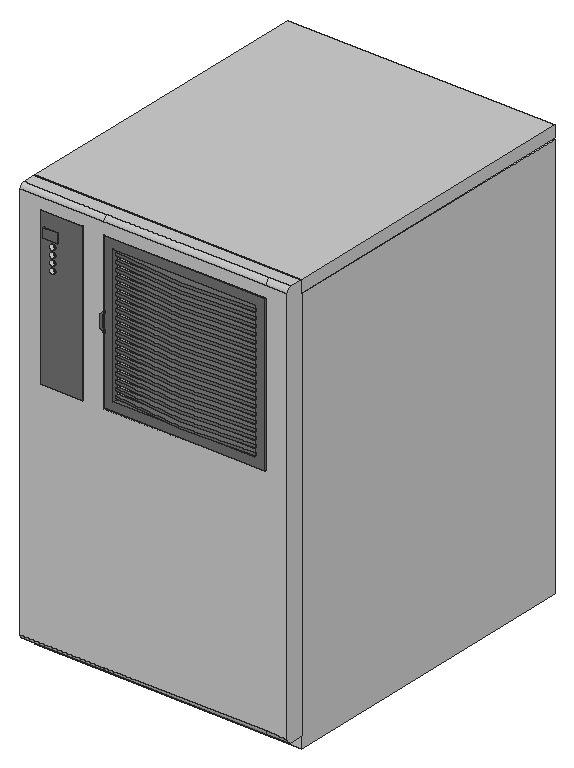
Revit family "QF_HOSHIZAKI_IM-240ANE-HC", category Specialty Equipment, Revit 2016
Family settings
  Part Type = Normal
  Round Connector Dimension = Use Diameter
  OmniClass Number = 23.40.40.14
  OmniClass Title = Food Service Equipment
  Work Plane-Based = No
  Always vertical = Yes
  Cut with Voids When Loaded = No
  Shared = No
  Room Calculation Point = No
Parameters (values of type "IM-240ANE-HC_240V/1Ph/60Hz")
  Weight = 78.00 kg
  Waste Remarks [instance] = ""
  Volts = 240 V
  URL Cutsheet = ""
  URL = "www.hoshizaki-europe.com"
  Status [instance] = ""
  Specification by User [instance] = ""
  Specification by Manufacturer [instance] = ""
  Serial Number = ""
  Seismic Rating = ""
  SMACNA No = ""
  Revision Code [instance] = ""
  Phase = 1
  Number of Poles = 2
  NAFEM Spec ID Number = ""
  Model = "IM-240ANE-HC"
  Min Ckt Ampacity = 0 A
  Max Overcurrent Protection = 0 A
  Masterspec = ""
  Manufacturer = "HOSHIZAKI"
  Length Actual = 560 mm
  Item Number [instance] = ""
  Installed By [instance] = ""
  Indirect Waste Size = 19.05 mm
  Indirect Waste Connection Type [instance] = ""
  Indirect Waste Connection Height [instance] = 40 mm
  Identify Quantity as Lot [instance] = no
  Height Actual = 880 mm
  HP power = ""
  Furnished By [instance] = ""
  Foodservice Equipment Identifier [instance] = yes
  FL Amps = 20 A
  Electric power = 930 W
  Electric Connection Type [instance] = ""
  Elec Conn RI Height [instance] = 0 mm
  Elec Conn Connection Height [instance] = 770 mm
  Direct Waste RI Height [instance] = 0 mm
  Description = "IM HYDROCARBON ICE MAKER, 235KG PER 24 HOURS, LARGE CUBE, MODULAR"
  Depth Actual = 700 mm
  Cycle = 60 Hz
  Cost = 0
  Conn Plug = ""
  Conn Conduit = no
  Cold Water Temperature Recommended = 0 °C
  Cold Water Size = 19.05 mm
  Cold Water Flow = 0.0 L/s
  Cold Water Connection Height [instance] = 415 mm
  CSI MasterFormat = ""
  Assembly Code = "E1090320"
  Apparent Power = 930 VA
  Accessory = no
Types (2, lengths in mm): name | Volts | Cycle
  IM-240ANE-HC_230V/1Ph/50Hz | 230 V | 50 Hz
  IM-240ANE-HC_240V/1Ph/60Hz | 240 V | 60 Hz
Reference planes
  plane 1 "Center (Front/Back)": y = 0
  plane 2: z = 0
  plane 3 "Center (Left/Right)": x = 0
Forms (mm)
  Extrusion 1, solid, not visible
    sketch origin (48, -2, 414) x (1, 0, 0) y (0, 1, 0)
      loop
        line (0, 0) -> (2, 0) -> (2, 2) -> (0, 2) -> (0, 0)
    from 0 to 2
  Extrusion 2, solid, not visible
    sketch origin (71, -2, 39) x (1, 0, 0) y (0, 1, 0)
      loop
        line (0, 0) -> (2, 0) -> (2, 2) -> (0, 2) -> (0, 0)
    from 0 to 2
  Extrusion 3, solid, not visible
    sketch origin (31, -17, 769) x (1, 0, 0) y (0, 1, 0)
      loop
        line (0, 0) -> (2, 0) -> (2, 2) -> (0, 2) -> (0, 0)
    from 0 to 2
  Extrusion 4, solid, not visible
    sketch origin (48, -2, 414) x (1, 0, 0) y (0, 1, 0)
      loop
        line (0, 0) -> (2, 0) -> (2, 2) -> (0, 2) -> (0, 0)
    from 0 to 2
  Extrusion 5, solid, not visible
    sketch origin (71, -2, 39) x (1, 0, 0) y (0, 1, 0)
      loop
        line (0, 0) -> (2, 0) -> (2, 2) -> (0, 2) -> (0, 0)
    from 0 to 2
  Extrusion 6, solid, not visible
    sketch origin (31, -17, 769) x (1, 0, 0) y (0, 1, 0)
      loop
        line (0, 0) -> (2, 0) -> (2, 2) -> (0, 2) -> (0, 0)
    from 0 to 2
Dimensions and locks
  aligned and locked: level to plane 2
Nested families
  nested 1: "QF_HOSHIZAKI_IM-240ANE-HC_230V_1Ph_50Hz" at (0, 0, 0), type "IM-240ANE-HC_230V/1Ph/50Hz"
    with Waste Water Discharge Temperature 0 °C, Status "", Specification by User "", Show Clearance yes, Revision Code "", Plumbing Remarks "", Plumbing Connection Type "", Number of Poles 1, Item Number "", Installed By "", Indirect Waste Connection Type "", Indirect Waste Connection Height 40 mm, Identify Quantity as Lot no, Furnished By "", Foodservice Equipment Identifier yes, Electrical Remarks "", Electric Connection Type "", Elec Conn RI Height 0 mm, Elec Conn Connection Height 770 mm, Conn Conduit no, Cold Water RI Height 415 mm, Cold Water Flow 0.0 L/s, Cold Water Consumption "", Cold Water Connection Height 415 mm
Connectors
  piping at (49, 0, 415), diameter 19.05, driven by "Cold Water Size", driven by "Cold Water Flow"
    settings: on Extrusion 1, index 1, connector inside diameter 609.6 mm, connector length 0 mm, flow factor 0, pipe flow 0.0 L/s, pressure drop 0.0 Pa, fitting loss kfactor 0, connector angle 0.00°, fixture units 0, engagement length 0 mm, angle of deflection 0.00°, flow configuration 1, flow direction 1, fitting loss method 0, system type 20, joint type 0, gender type 0, connector reference index -1, connector utility 0, adjustable connector no, is connector primary yes, connector description "Cold Water connection for 'IM-240ANE-HC'"
  piping at (72, 0, 40), diameter 19.05, driven by "Indirect Waste Size"
    settings: on Extrusion 2, index 2, connector inside diameter 609.6 mm, connector length 0 mm, flow factor 0, pipe flow 0.0 L/s, pressure drop 0.0 Pa, fitting loss kfactor 0, connector angle 0.00°, fixture units 0, engagement length 0 mm, angle of deflection 0.00°, flow configuration 1, flow direction 2, fitting loss method 0, system type 16, joint type 0, gender type 0, connector reference index -1, connector utility 0, adjustable connector no, is connector primary no, connector description "Drain connection for 'IM-240ANE-HC'"
  electrical at (32, -15, 770), driven by "Apparent Power", driven by "Number of Poles", driven by "Volts"
    settings: on Extrusion 3, index 3, voltage 240 V, apparent load 0 VA, apparent load phase1 930 VA, apparent load phase2 0 VA, apparent load phase3 0 VA, power factor 1, load classification "Other", number of poles 2, system type 31, power factor state 1, is connector primary yes, connector utility no, sub classification motor no, connector description "Electric connection for 'IM-240ANE-HC'"
  piping at (49, 0, 415), diameter 19.05, driven by "Cold Water Size", driven by "Cold Water Flow"
    settings: on Extrusion 4, index 4, connector inside diameter 609.6 mm, connector length 0 mm, flow factor 0, pipe flow 0.0 L/s, pressure drop 0.0 Pa, fitting loss kfactor 0, connector angle 0.00°, fixture units 0, engagement length 0 mm, angle of deflection 0.00°, flow configuration 1, flow direction 1, fitting loss method 0, system type 20, joint type 0, gender type 0, connector reference index -1, connector utility 0, adjustable connector no, is connector primary no, connector description "Cold Water connection for 'IM-240ANE-HC'"
  piping at (72, 0, 40), diameter 19.05, driven by "Indirect Waste Size"
    settings: on Extrusion 5, index 5, connector inside diameter 609.6 mm, connector length 0 mm, flow factor 0, pipe flow 0.0 L/s, pressure drop 0.0 Pa, fitting loss kfactor 0, connector angle 0.00°, fixture units 0, engagement length 0 mm, angle of deflection 0.00°, flow configuration 1, flow direction 2, fitting loss method 0, system type 16, joint type 0, gender type 0, connector reference index -1, connector utility 0, adjustable connector no, is connector primary no, connector description "Drain connection for 'IM-240ANE-HC'"
  electrical at (32, -15, 770), driven by "Apparent Power", driven by "Number of Poles", driven by "Volts"
    settings: on Extrusion 6, index 6, voltage 240 V, apparent load 0 VA, apparent load phase1 930 VA, apparent load phase2 0 VA, apparent load phase3 0 VA, power factor 1, load classification "Other", number of poles 2, system type 31, power factor state 1, is connector primary no, connector utility no, sub classification motor no, connector description "Electric connection for 'IM-240ANE-HC'"
Definition of nested family "QF_HOSHIZAKI_IM-240ANE-HC_230V_1Ph_50Hz"
  Parameters (values of type "IM-240ANE-HC_230V/1Ph/50Hz")
    Weight in Pounds = 171.9604
    Electric power = 930 W
    Waste Water Discharge Temperature [instance] = 0 °C
    Volts = 230 V
    URL Cutsheet = "www.hoshizaki-europe.com"
    URL = "www.hoshizaki-europe.com"
    Status [instance] = ""
    Specification by User [instance] = ""
    Specification by Manufacturer = ""
    Show Clearance [instance] = yes
    Serial Number = ""
    Seismic Rating = ""
    SMACNA No = ""
    Revision Code [instance] = ""
    Plumbing Remarks [instance] = ""
    Plumbing Connection Type [instance] = ""
    Phase = 1
    Number of Poles [instance] = 1
    NAFEM Spec ID Number = ""
    Model = "IM-240ANE-HC"
    Min Ckt Ampacity = 0 A
    Max Overcurrent Protection = 0 A
    Masterspec = ""
    Manufacturer = "HOSHIZAKI"
    Item Number [instance] = ""
    Installed By [instance] = ""
    Indirect Waste Size = 19.05 mm
    Indirect Waste Flow = 0.0 L/s
    Indirect Waste Connection Type [instance] = ""
    Indirect Waste Connection Height [instance] = 40 mm
    Identify Quantity as Lot [instance] = no
    HP power = "1.247148600000"
    Furnished By [instance] = ""
    Foodservice Equipment Identifier [instance] = yes
    FL Amps = 20 A
    Electrical Remarks [instance] = ""
    Electric Connection Type [instance] = ""
    Elec Conn RI Height [instance] = 0 mm
    Elec Conn Connection Height [instance] = 770 mm
    Description = "EMERALD CLASS IM HYDROCARBON ICE MAKER, 235KG PER 24 HOURS, LARGE CUBE, MODULAR"
    Cycle = 50 Hz
    Conn Plug = ""
    Conn Conduit [instance] = no
    Cold Water Temperature Recommended = 35 °C
    Cold Water Size = 19.05 mm
    Cold Water RI Height [instance] = 415 mm
    Cold Water Minimum Pressure = 70000.0 Pa
    Cold Water Maximum Pressure = 780000.0 Pa
    Cold Water Flow [instance] = 0.0 L/s
    Cold Water Consumption [instance] = ""
    Cold Water Connection Height [instance] = 415 mm
    CSI MasterFormat = ""
    Assembly Code = "E1090320"
    Apparent Power = 930 VA
  Types (12, lengths in mm): name | Weight in Pounds | Electric power | Phase | Model | Indirect Waste Size | Indirect Waste Connection Height | Identify Quantity as Lot | HP power | Elec Conn Connection Height | Description | Conn Conduit | Cold Water Size | Cold Water RI Height | Cold Water Connection Height | Apparent Power
    (no name) | 0 | 0 W | 0 | "" | 0 | 0 | yes | "" | 0 | "" | yes | 0 | 0 | 0 | 0 VA
    IM-130ANE-HC | 149.9142 | 630 W | 1 | "IM-130ANE-HC" | 19.05 | 40 | no | "0.844842600000" | 770 | "EMERALD CLASS IM HYDROCARBON ICE MAKER, 125KG PER 24 HOURS, LARGE CUBE, MODULAR" | no | 12.7 | 415 | 415 | 630 VA
    IM-130ANE-HC-23 | 149.9142 | 630 W | 1 | "IM-130ANE-HC-23" | 19.05 | 40 | no | "0.844842600000" | 770 | "EMERALD CLASS IM HYDROCARBON ICE MAKER, 125KG PER 24 HOURS, MEDIUM CUBE, MODULAR" | no | 12.7 | 415 | 415 | 630 VA
    IM-240ANE-HC_230V/1Ph/50Hz | 171.9604 | 930 W | 1 | "IM-240ANE-HC" | 19.05 | 40 | no | "1.247148600000" | 770 | "EMERALD CLASS IM HYDROCARBON ICE MAKER, 235KG PER 24 HOURS, LARGE CUBE, MODULAR" | no | 19.05 | 415 | 415 | 930 VA
    IM-240ANE-HC-21 | 171.9604 | 930 W | 1 | "IM-240ANE-HC-21" | 19.05 | 40 | no | "1.247148600000" | 770 | "EMERALD CLASS IM HYDROCARBON ICE MAKER, 235KG PER 24 HOURS, EXTRA SMALL CUBE, MODULAR" | no | 19.05 | 415 | 415 | 930 VA
    IM-240ANE-HC-23 | 171.9604 | 930 W | 1 | "IM-240ANE-HC-23" | 19.05 | 40 | no | "1.247148600000" | 770 | "EMERALD CLASS IM HYDROCARBON ICE MAKER, 235KG PER 24 HOURS, MEDIUM CUBE, MODULAR" | no | 19.05 | 415 | 415 | 930 VA
    IM-240ANE-HC-32 | 171.9604 | 930 W | 1 | "IM-240ANE-HC-32" | 19.05 | 40 | no | "1.247148600000" | 770 | "EMERALD CLASS IM HYDROCARBON ICE MAKER, 235KG PER 24 HOURS, EXTRA LARGE CUBE, MODULAR" | no | 19.05 | 415 | 415 | 930 VA
    IM-240ANE | 176.3696 | 1320 W | 1 | "IM-240ANE" | 19.05 | 40 | no | "1.770146400000" | 770 | "MODULAR IM ICE MAKER, 240KG PER 24 HOURS, LARGE CUBE" | no | 19.05 | 415 | 415 | 1320 VA
    IM-240ANE-21 | 176.3696 | 1320 W | 1 | "IM-240ANE-21" | 19.05 | 40 | no | "1.770146400000" | 770 | "MODULAR IM ICE MAKER, 240KG PER 24 HOURS, EXTRA SMALL CUBE" | no | 19.05 | 415 | 415 | 1320 VA
    IM-240ANE-23 | 176.3696 | 1320 W | 1 | "IM-240ANE-23" | 19.05 | 40 | no | "1.770146400000" | 770 | "MODULAR IM ICE MAKER, 240KG PER 24 HOURS, MEDIUM CUBE" | no | 19.05 | 415 | 415 | 1320 VA
    IM-240AWNE | 176.3696 | 1320 W | 1 | "IM-240AWNE" | 19.05 | 40 | no | "1.770146400000" | 770 | "MODULAR IM ICE MAKER, 240KG PER 24 HOURS, LARGE CUBE, WATER COOLED" | no | 19.05 | 415 | 415 | 1320 VA
    IM-240AWNE-23 | 176.3696 | 1320 W | 1 | "IM-240AWNE-23" | 19.05 | 40 | no | "1.770146400000" | 770 | "MODULAR IM ICE MAKER, 240KG PER 24 HOURS, MEDIUM CUBE, WATER COOLED" | no | 19.05 | 415 | 415 | 1320 VA
  Values of the unnamed type that differ from the named types
    Waste Water Discharge Temperature = -273.15 °C
    Volts = 0 V
    URL Cutsheet = ""
    URL = ""
    Manufacturer = ""
    FL Amps = 0 A
    Cycle = 0 Hz
    Cold Water Temperature Recommended = -273.15 °C
    Cold Water Minimum Pressure = 0.0 Pa
    Cold Water Maximum Pressure = 0.0 Pa
  Reference planes
    plane 1 "Back": y = 0
    plane 2: z = 0
    plane 3 "Left": x = 0
    plane 4 "Right": x = 560
    plane 5 "Front": y = -700
    plane 6 "Top": z = 880
  Forms (mm)
    Extrusion 1, solid
      sketch origin (0, 0, 40) x (0, 1, 0) y (0, 0, 1)
        loop
          line (0, -40) -> (0, 813) -> (-663, 813) -> (-663, -40) -> (0, -40)
      from 0 to 560
    Extrusion 2, solid
      sketch origin (-357.75, -249, 573) x (0, 1, 0) y (0, 0, 1)
        loop
          line (-414, -550) -> (-414, 307) -> (-441, 307)
          arc (-441, 307) -> (-448.071, 304.071) -> (-451, 297) r 10
          line (-451, 297) -> (-451, -540)
          arc (-451, -540) -> (-448.071, -547.071) -> (-441, -550) r 10
          line (-441, -550) -> (-414, -550)
      from 533.75 to 357.75
    Extrusion 3, solid
      sketch origin (0, 0, 185) x (0, 1, 0) y (0, 0, 1)
        loop
          line (-663, 695) -> (-663, 670) -> (0, 670) -> (0, 695) -> (-663, 695)
      from 560 to 0
    Extrusion 4, solid
      sketch origin (-59.168, -700, 607.328) x (1, 0, 0) y (0, 0, 1)
        loop
          line (103.168, 239.672) -> (103.168, -87.328) -> (191.168, -87.328) -> (191.168, 239.672) -> (103.168, 239.672)
      from 0 to 2
    Extrusion 5, solid
      sketch origin (-184.608, -702, 607.328) x (1, 0, 0) y (0, 0, 1)
        loop
          line (235.856, 210.572) -> (235.856, 190.572) -> (265.856, 190.572) -> (265.856, 210.572) -> (235.856, 210.572)
      from 0 to 2
    Extrusion 6, solid
      sketch origin (-177.859, -702, 607.328) x (1, 0, 0) y (0, 0, 1)
        loop
          circle (248.239, 179.635) r 5
        loop
          circle (248.239, 164.635) r 5
        loop
          circle (248.239, 149.635) r 5
        loop
          circle (248.239, 134.635) r 5
      from 0 to 2
    Extrusion 7, solid
      sketch origin (205.924, 29, 647) x (0, 1, 0) y (0, 0, 1)
        loop
          line (-29, 123) -> (16, 123) -> (16, 164.349) -> (0, 192.062) -> (0, 206) -> (-29, 206) -> (-29, 123)
      from -147.876 to -200
    Extrusion 8, solid
      sketch origin (72, 33, 40) x (1, 0, 0) y (0, 0, 1)
        loop
          circle (0, 0) r 14
        loop
          circle (0, 0) r 12
      from 0 to 33
    Extrusion 9, solid
      sketch origin (49, 33, 415) x (1, 0, 0) y (0, 0, 1)
        loop
          circle (0, 0) r 14
        loop
          circle (0, 0) r 12
      from 4 to 33
    Extrusion 10, solid
      sketch origin (516, -249, 573) x (0, 1, 0) y (0, 0, 1)
        loop
          line (-414, -550) -> (-414, 307) -> (-441, 307)
          arc (-441, 307) -> (-448.071, 304.071) -> (-451, 297) r 10
          line (-451, 297) -> (-451, -540)
          arc (-451, -540) -> (-448.071, -547.071) -> (-441, -550) r 10
          line (-441, -550) -> (-414, -550)
      from 0 to 44
    Extrusion 11, solid
      sketch origin (176, -249, 573) x (0, 1, 0) y (0, 0, 1)
        loop
          line (-414, -550) -> (-414, -53) -> (-451, -53) -> (-451, -540)
          arc (-451, -540) -> (-448.071, -547.071) -> (-441, -550) r 10
          line (-441, -550) -> (-414, -550)
        loop
          line (-451, 297) -> (-451, 274) -> (-414, 274) -> (-414, 307) -> (-441, 307)
          arc (-441, 307) -> (-448.071, 304.071) -> (-451, 297) r 10
      from 0 to 340
    Extrusion 12, solid
      sketch origin (60.75, -852, 508) x (1, 0, 0) y (0, 0, 1)
        loop
          line (117.25, 337) -> (117.25, 14) -> (453.25, 14) -> (453.25, 337) -> (117.25, 337)
        loop
          line (135.25, 319) -> (135.25, 32) -> (435.25, 32) -> (435.25, 319) -> (135.25, 319)
      from -150 to -160
    Extrusion 13, solid
      sketch origin (60.75, -249, 650) x (1, 0, 0) y (0, 1, 0)
        loop
          line (135.25, -443) -> (135.25, -448.703)
          arc (135.25, -448.703) -> (285.097, -461.54) -> (435.25, -453) r 1057.927
          line (435.25, -453) -> (435.25, -443) -> (135.25, -443)
      from 0 to 5
    Extrusion 14, solid
      sketch origin (60.75, -249, 665) x (1, 0, 0) y (0, 1, 0)
        loop
          line (135.25, -443) -> (135.25, -448.703)
          arc (135.25, -448.703) -> (285.097, -461.54) -> (435.25, -453) r 1057.927
          line (435.25, -453) -> (435.25, -443) -> (135.25, -443)
      from 0 to 5
    Extrusion 15, solid
      sketch origin (60.75, -249, 680) x (1, 0, 0) y (0, 1, 0)
        loop
          line (135.25, -443) -> (135.25, -448.703)
          arc (135.25, -448.703) -> (285.097, -461.54) -> (435.25, -453) r 1057.927
          line (435.25, -453) -> (435.25, -443) -> (135.25, -443)
      from 0 to 5
    Extrusion 16, solid
      sketch origin (60.75, -249, 695) x (1, 0, 0) y (0, 1, 0)
        loop
          line (135.25, -443) -> (135.25, -448.703)
          arc (135.25, -448.703) -> (285.097, -461.54) -> (435.25, -453) r 1057.927
          line (435.25, -453) -> (435.25, -443) -> (135.25, -443)
      from 0 to 5
    Extrusion 17, solid
      sketch origin (60.75, -249, 710) x (1, 0, 0) y (0, 1, 0)
        loop
          line (135.25, -443) -> (135.25, -448.703)
          arc (135.25, -448.703) -> (285.097, -461.54) -> (435.25, -453) r 1057.927
          line (435.25, -453) -> (435.25, -443) -> (135.25, -443)
      from 0 to 5
    Extrusion 18, solid
      sketch origin (60.75, -249, 725) x (1, 0, 0) y (0, 1, 0)
        loop
          line (135.25, -443) -> (135.25, -448.703)
          arc (135.25, -448.703) -> (285.097, -461.54) -> (435.25, -453) r 1057.927
          line (435.25, -453) -> (435.25, -443) -> (135.25, -443)
      from 0 to 5
    Extrusion 19, solid
      sketch origin (60.75, -249, 740) x (1, 0, 0) y (0, 1, 0)
        loop
          line (135.25, -443) -> (135.25, -448.703)
          arc (135.25, -448.703) -> (285.097, -461.54) -> (435.25, -453) r 1057.927
          line (435.25, -453) -> (435.25, -443) -> (135.25, -443)
      from 0 to 5
    Extrusion 20, solid
      sketch origin (60.75, -249, 755) x (1, 0, 0) y (0, 1, 0)
        loop
          line (135.25, -443) -> (135.25, -448.703)
          arc (135.25, -448.703) -> (285.097, -461.54) -> (435.25, -453) r 1057.927
          line (435.25, -453) -> (435.25, -443) -> (135.25, -443)
      from 0 to 5
    Extrusion 21, solid
      sketch origin (60.75, -249, 770) x (1, 0, 0) y (0, 1, 0)
        loop
          line (135.25, -443) -> (135.25, -448.703)
          arc (135.25, -448.703) -> (285.097, -461.54) -> (435.25, -453) r 1057.927
          line (435.25, -453) -> (435.25, -443) -> (135.25, -443)
      from 0 to 5
    Extrusion 22, solid
      sketch origin (60.75, -249, 785) x (1, 0, 0) y (0, 1, 0)
        loop
          line (135.25, -443) -> (135.25, -448.703)
          arc (135.25, -448.703) -> (285.097, -461.54) -> (435.25, -453) r 1057.927
          line (435.25, -453) -> (435.25, -443) -> (135.25, -443)
      from 0 to 5
    Extrusion 23, solid
      sketch origin (60.75, -249, 800) x (1, 0, 0) y (0, 1, 0)
        loop
          line (135.25, -443) -> (135.25, -448.703)
          arc (135.25, -448.703) -> (285.097, -461.54) -> (435.25, -453) r 1057.927
          line (435.25, -453) -> (435.25, -443) -> (135.25, -443)
      from 0 to 5
    Extrusion 24, solid
      sketch origin (60.75, -249, 815) x (1, 0, 0) y (0, 1, 0)
        loop
          line (135.25, -443) -> (135.25, -448.703)
          arc (135.25, -448.703) -> (285.097, -461.54) -> (435.25, -453) r 1057.927
          line (435.25, -453) -> (435.25, -443) -> (135.25, -443)
      from 0 to 5
    Extrusion 25, solid
      sketch origin (30.75, -900, 451.571) x (1, 0, 0) y (0, 0, 1)
        loop
          line (147.25, 254) -> (138.179, 244.929) -> (138.179, 218.929) -> (147.25, 209.858) -> (147.25, 216.929) -> (143.179, 221) -> (143.179, 242.858) -> (147.25, 246.929) -> (147.25, 254)
      from -198 to -200
    Extrusion 26, solid
      sketch origin (60.75, -249, 590) x (1, 0, 0) y (0, 1, 0)
        loop
          line (135.25, -443) -> (135.25, -448.703)
          arc (135.25, -448.703) -> (285.097, -461.54) -> (435.25, -453) r 1057.927
          line (435.25, -453) -> (435.25, -443) -> (135.25, -443)
      from 0 to 5
    Extrusion 27, solid
      sketch origin (60.75, -249, 605) x (1, 0, 0) y (0, 1, 0)
        loop
          line (135.25, -443) -> (135.25, -448.703)
          arc (135.25, -448.703) -> (285.097, -461.54) -> (435.25, -453) r 1057.927
          line (435.25, -453) -> (435.25, -443) -> (135.25, -443)
      from 0 to 5
    Extrusion 28, solid
      sketch origin (60.75, -249, 620) x (1, 0, 0) y (0, 1, 0)
        loop
          line (135.25, -443) -> (135.25, -448.703)
          arc (135.25, -448.703) -> (285.097, -461.54) -> (435.25, -453) r 1057.927
          line (435.25, -453) -> (435.25, -443) -> (135.25, -443)
      from 0 to 5
    Extrusion 29, solid
      sketch origin (60.75, -249, 635) x (1, 0, 0) y (0, 1, 0)
        loop
          line (135.25, -443) -> (135.25, -448.703)
          arc (135.25, -448.703) -> (285.097, -461.54) -> (435.25, -453) r 1057.927
          line (435.25, -453) -> (435.25, -443) -> (135.25, -443)
      from 0 to 5
    Extrusion 30, solid
      sketch origin (60.75, -249, 545) x (1, 0, 0) y (0, 1, 0)
        loop
          line (135.25, -443) -> (135.25, -448.703)
          arc (135.25, -448.703) -> (285.097, -461.54) -> (435.25, -453) r 1057.927
          line (435.25, -453) -> (435.25, -443) -> (135.25, -443)
      from 0 to 5
    Extrusion 31, solid
      sketch origin (60.75, -249, 560) x (1, 0, 0) y (0, 1, 0)
        loop
          line (135.25, -443) -> (135.25, -448.703)
          arc (135.25, -448.703) -> (285.097, -461.54) -> (435.25, -453) r 1057.927
          line (435.25, -453) -> (435.25, -443) -> (135.25, -443)
      from 0 to 5
    Extrusion 32, solid
      sketch origin (60.75, -249, 575) x (1, 0, 0) y (0, 1, 0)
        loop
          line (135.25, -443) -> (135.25, -448.703)
          arc (135.25, -448.703) -> (285.097, -461.54) -> (435.25, -453) r 1057.927
          line (435.25, -453) -> (435.25, -443) -> (135.25, -443)
      from 0 to 5
  Cuts and joins
    joined: Extrusion 2, Extrusion 10, Extrusion 11
  Lines and regions (mm)
    symbolic lines
      curve 1: line (0, 0, 0) -> (560, 0, 0)
      curve 2: line (0, -700, 0) -> (0, 0, 0)
      curve 3: line (560, -700, 0) -> (0, -700, 0)
      curve 4: line (560, 0, 0) -> (560, -700, 0)
      curve 5: line (5.924, 0, 0) -> (5.924, 45, 0)
      curve 6: line (58.048, 45, 0) -> (58.048, 0, 0)
      curve 7: line (0, -663, 0) -> (560, -663, 0)
      curve 8: line (5.924, 45, 0) -> (58.048, 45, 0)
      curve 9: line (58.048, 33, 0) -> (86, 33, 0)
      curve 10: line (86, 33, 0) -> (86, 0, 0)
  Dimensions and locks
    aligned and locked: level to plane 2
    aligned and locked: Extrusion 4 sketch curve to Extrusion 4 sketch curve
  Connectors
    piping at (72, 33, 40), diameter 19.05, driven by "Indirect Waste Size", driven by "Indirect Waste Flow"
      settings: on Extrusion 8, index 1, connector inside diameter 609.6 mm, connector length 0 mm, flow factor 0, pipe flow 0.0 L/s, pressure drop 0.0 Pa, fitting loss kfactor 0, connector angle 0.00°, fixture units 0, engagement length 0 mm, angle of deflection 0.00°, flow configuration 1, flow direction 2, fitting loss method 0, system type 16, joint type 0, gender type 0, connector reference index -1, connector utility 0, adjustable connector no, is connector primary yes, connector description "Indirect Waste Connection"
    electrical at (31.986, 22.5, 770), driven by "Apparent Power", driven by "Volts", driven by "Number of Poles"
      settings: on Extrusion 7, index 2, voltage 230 V, apparent load 0 VA, apparent load phase1 930 VA, apparent load phase2 0 VA, apparent load phase3 0 VA, power factor 1, load classification none, number of poles 1, system type 31, power factor state 1, is connector primary yes, connector utility no, sub classification motor no, connector description "Electrical connection"
    piping at (49, 29, 415), diameter 19.05, driven by "Cold Water Size", driven by "Cold Water Flow"
      settings: on Extrusion 9, index 3, connector inside diameter 609.6 mm, connector length 0 mm, flow factor 0, pipe flow 0.0 L/s, pressure drop 0.0 Pa, fitting loss kfactor 0, connector angle 0.00°, fixture units 0, engagement length 0 mm, angle of deflection 0.00°, flow configuration 1, flow direction 1, fitting loss method 0, system type 20, joint type 0, gender type 0, connector reference index -1, connector utility 0, adjustable connector no, is connector primary no, connector description "Cold Water onnection"
